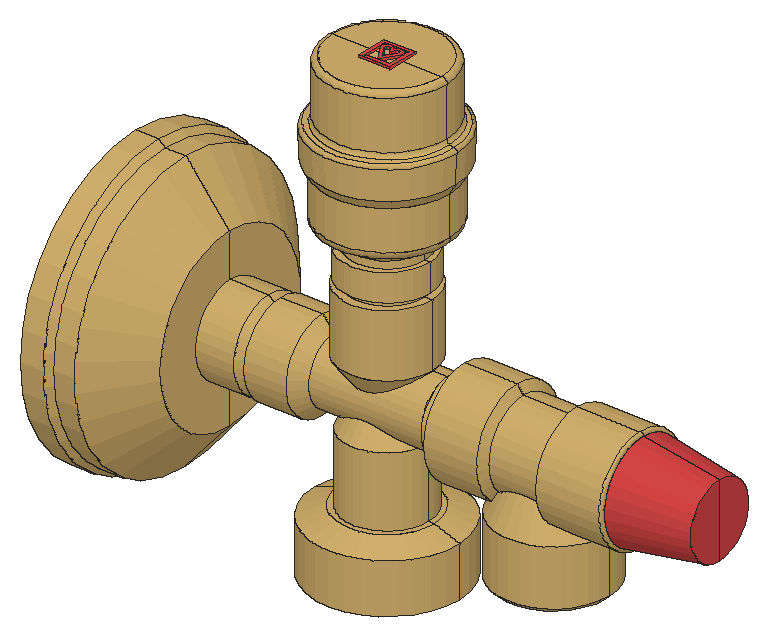
Revit family "Группа безопасности котла 2104", category Rohrzubehör, Revit 2019
Family settings
  Bemaßung runder Anschluss = Durchmesser verwenden
  Teiletyp = Normal
  OmniClass-Nummer = 23.65.55.14
  OmniClass-Titel = Valves for Liquid Services
  Arbeitsebenenbasiert = Nein
  Immer vertikal = Ja
  Beim Laden mit Abzugskörper schneiden = Nein
  Gemeinsam genutzt = Nein
Parameters
  Номер заказа [instance] = if(Nennweite Anschluss = 25.000 mm, 1210415, 0)  # 1210415
  Мин. рабочая температура = -10 °C  # constant formula
  Макс. рабочая температура = 110 °C  # constant formula
  Теплоизоляционный кожух = "EPP"  # constant formula
  Соединительный элемент = "штампованная латунь в соответствии с EN 12165, CW617N"  # constant formula
  Вес = 0.663  # constant formula
  URL = "www.herz-armaturen.ru"
  Предохранительный клапан = "штампованная латунь в соответствии с EN 12165, CW617N"  # constant formula
  SCRNSEQ = "AWI;AWI_TYP=\"1001\";2"
  SCRNCODE = "02;04;02"  # constant formula
  S08 = 17.700 mm  # constant formula
  S07 = 69.900 mm  # constant formula
  S06 = 42.700 mm  # constant formula
  S05 = 71.000 mm  # constant formula
  S04 = 32.000 mm  # constant formula
  S03 = 45.000 mm  # constant formula
  S02 = L18 + L19  # 95.300 mm
  S01 = 31.800 mm  # constant formula
  R25 = 10.400 mm  # constant formula
  R24 = 13.900 mm  # constant formula
  R23 = 10.400 mm  # constant formula
  R22 = 12.300 mm  # constant formula
  R21 = 14.800 mm  # constant formula
  R20 = 9.300 mm  # constant formula
  R19 = 16.000 mm  # constant formula
  R18 = Nennweite SV / 2  # 10.000 mm
  R17 = 20.800 mm  # constant formula
  R16 = 12.000 mm  # constant formula
  R15 [instance] = Nennweite Anschluss / 2  # 12.500 mm
  R14 = R04  # 10.650 mm
  R13 = 17.900 mm  # constant formula
  R12 = 17.100 mm  # constant formula
  R11 = 12.500 mm  # constant formula
  R10 = R04  # 10.650 mm
  R09 = 13.000 mm  # constant formula
  R08 = R04  # 10.650 mm
  R07 = 9.500 mm  # constant formula
  R06 = 9.300 mm  # constant formula
  R05 = 13.000 mm  # constant formula
  R04 = 21.300 mm / 2  # 10.650 mm
  R03 = 12.700 mm  # constant formula
  R02 = 39.900 mm  # constant formula
  R01 = 41.500 mm  # constant formula
  Nennweite SV = 20.000 mm  # constant formula
  Nennweite Anschluss [instance] = 25.000 mm  # constant formula
  Среда = "Качество теплоносителя в соответствии с ÖNORM H5195 и/или предписаниями VDI-Standard 2035.\nРазрешается использование смеси этилен или пропиленгликоля в соотношении 25-50% с водой. Прокладки EPDM могут быть подвержены воздействию минеральных смазочных масел, что может служить причиной выхода из строя данных уплотнений. Пожалуйста, обратитесь к документации производителя, при использовании этиленгликоля и пропиленгликоля в целях защиты от замерзания."
  Манометр = "0 - 4 бар"  # constant formula
  L19 = 22.000 mm  # constant formula
  L18 = 73.300 mm  # constant formula
  L17 = 95.300 mm  # constant formula
  L16 = 21.400 mm  # constant formula
  L15 = 47.800 mm  # constant formula
  L14 = 31.500 mm  # constant formula
  L13 = 46.500 mm  # constant formula
  L12 = 29.500 mm  # constant formula
  L11 = 31.200 mm  # constant formula
  L10 = 86.000 mm  # constant formula
  L09 = 20.700 mm  # constant formula
  L08 = 37.200 mm  # constant formula
  L07 = 27.700 mm  # constant formula
  L06 = 34.400 mm  # constant formula
  L05 = 19.400 mm  # constant formula
  L04 = 30.600 mm  # constant formula
  L03 = 52.400 mm  # constant formula
  L02 = 27.000 mm  # constant formula
  L01 = 72.000 mm  # constant formula
  Hersteller = "Herz-Armaturen GmbH"  # constant formula
  Воздухоотводчик = "штампованная латунь в соответствии с EN 12165, CW617N"  # constant formula
  Область применения = "Группа безопасности состоит из основных предохранительных элементов, которые используются в системах отопления до 50 кВт (предохранительный клапан, воздухоудалитель, манометр)."
Reference planes
  plane 1 "Mitte (Vorne/hinten)": y = 0
  plane 2: z = 0
  plane 3 "Mitte (Links/rechts)": x = 0
Forms (mm)
  Revolve 1, solid, material "Messing", detail levels fine
    sketch origin (0, 0, 0) x (1, 0, 0) y (0, 0, 1)
      loop
        line (-72, 41.5) -> (-72, 0) -> (-19.6, 0) -> (-19.6, 9.485) -> (-20.765, 10.65) -> (-31.58, 10.65) -> (-33.8, 12.7) -> (-45, 12.7) -> (-45, 25.131) -> (-57.8, 39.9) -> (-63.8, 39.9) -> (-65.4, 41.5) -> (-72, 41.5)
      axis (-72, 0) -> (-19.6, 0)
    angle from 0 to 360
  Revolve 2, solid, material "Messing", detail levels fine
    sketch origin (0, 0, 0) x (1, 0, 0) y (0, 0, 1)
      loop
        line (-30.6, 13) -> (-30.6, 10.465) -> (-29.435, 9.3) -> (-19.4, 9.3) -> (-19.4, 0) -> (34.4, 0) -> (34.4, 9.485) -> (33.235, 10.65) -> (18.4, 10.65) -> (17.42, 9.5) -> (-15.065, 9.5) -> (-18.565, 13) -> (-30.6, 13)
      axis (-30.6, 0) -> (34.4, 0)
    angle from 0 to 360
  Revolve 3, solid, material "Messing", detail levels fine
    sketch origin (0, 0, 0) x (1, 0, 0) y (0, 0, 1)
      loop
        line (0, 0) -> (-6, 0) -> (-12, -9.5) -> (-12, -29.5) -> (-13.65, -29.5) -> (-20.8, -32.25) -> (-20.8, -46.5) -> (-12.5, -46.5) -> (-12.5, -33.02) -> (0, -33.02) -> (0, 0)
      axis (0, 0) -> (0, -46.5)
    angle from 0 to 360
  Revolve 4, solid, material "Messing", detail levels fine
    sketch origin (0, 0, 0) x (1, 0, 0) y (0, 0, 1)
      loop
        line (0, 31.2) -> (0, 86) -> (-15.6, 86)
        arc (-15.6, 86) -> (-16.661, 85.561) -> (-17.1, 84.5) r 1.5
        line (-17.1, 84.5) -> (-17.1, 70.6)
        arc (-17.1, 70.6) -> (-17.278, 69.797) -> (-17.778, 69.145) r 1.899
        line (-17.778, 69.145) -> (-19.197, 68.844)
        arc (-19.197, 68.844) -> (-19.771, 68.418) -> (-19.974, 67.733) r 1.128
        line (-19.974, 67.733) -> (-19.7, 59.5) -> (-17.9, 56.7) -> (-17.9, 45.325)
        arc (-17.9, 45.325) -> (-17.131, 43.469) -> (-15.275, 42.7) r 2.625
        line (-15.275, 42.7) -> (-10.65, 39.2) -> (-10.65, 32.365) -> (-9.485, 31.2) -> (0, 31.2)
      axis (0, 86) -> (0, 31.2)
    angle from 0 to 360
  Revolve 5, solid, material "Messing", detail levels fine
    sketch origin (0, 0, 0) x (1, 0, 0) y (0, 0, 1)
      loop
        line (-12.5, 37.2) -> (-12.5, 29.435) -> (-10.65, 28.7) -> (-10.65, 21.865) -> (-9.485, 20.7) -> (0, 20.7) -> (0, 37.2) -> (-12.5, 37.2)
      axis (0, 37.2) -> (0, 20.7)
    angle from 0 to 360
  Revolve 6, solid, material "Messing", detail levels fine
    sketch origin (0, 0, 0) x (1, 0, 0) y (0, 0, 1)
      loop
        line (-13, 27.7) -> (-13, 9.525) -> (-6, 0) -> (0, 0) -> (0, 27.7) -> (-13, 27.7)
      axis (0, 27.7) -> (0, 0)
    angle from 0 to 360
  Revolve 7, solid, material "Messing", detail levels fine
    sketch origin (0, 0, 0) x (1, 0, 0) y (0, 0, 1)
      loop
        line (21.4, 9.3) -> (36.4, 9.3) -> (36.4, 0) -> (73.278, 0) -> (73.278, 13.893)
        arc (73.278, 13.893) -> (73.1, 14.525) -> (72.504, 14.8) r 0.784
        line (72.504, 14.8) -> (54.504, 14.8) -> (53.049, 12.3) -> (38.855, 12.3) -> (37.4, 14.8) -> (22.295, 14.8) -> (21.4, 13.25) -> (21.4, 9.3)
      axis (21.4, 0) -> (73.278, 0)
    angle from 0 to 360
  Revolve 8, solid, material "Messing", detail levels fine
    sketch origin (0, 0, 0) x (1, 0, 0) y (0, 0, 1)
      loop
        line (47.8, -18.34) -> (47.8, 0) -> (39.55, 0) -> (31.8, -14.5) -> (31.8, -30.5) -> (32.8, -31.5) -> (37.8, -31.5) -> (37.8, -18.34) -> (47.8, -18.34)
      axis (47.8, 0) -> (47.8, -31.5)
    angle from 0 to 360
  Revolve 9, solid, material "Kunststoff - Rot", detail levels fine
    sketch origin (0, 0, 0) x (1, 0, 0) y (0, 0, 1)
      loop
        line (95.278, 0) -> (95.278, 10.4) -> (73.3, 13.9) -> (73.3, 0) -> (95.278, 0)
      axis (73.3, 0) -> (95.278, 0)
    angle from 0 to 360
Lines and regions (mm)
  model lines
    curve 1: line (20.8, 0, -47.5) -> (-20.8, 0, -47.5)
    curve 11: line (95, 0, 10.596) -> (87.287, 0, -10.596)
    curve 12: line (87, 0, 10.596) -> (79.287, 0, -10.596)
    curve 13: line (79, 0, 10.596) -> (71.287, 0, -10.596)
    curve 14: line (71, 0, 10.596) -> (63.287, 0, -10.596)
    curve 15: circle (-45, 0, 0) r 27 normal (0, -1, 0)
    curve 18: line (0, 0, 60.6) -> (0, 0, 87.6)
    curve 24: line (0, -46.5, 0) -> (0, 24.8, 0)
  model lines, detail levels coarse+medium
    curve 2: line (0, 0, -47.5) -> (0, 0, 24.8)
    curve 3: line (-18, 0, 0) -> (21.4, 0, 0)
    curve 4: line (21.4, 0, 14.8) -> (21.4, 0, -14.8)
    curve 5: line (21.4, 0, -14.8) -> (47.8, 0, 0)
    curve 6: line (47.8, 0, 0) -> (21.4, 0, 14.8)
    curve 7: line (47.8, 0, 0) -> (31.8, 0, -31.5)
    curve 8: line (31.8, 0, -31.5) -> (63.8, 0, -31.5)
    curve 9: line (63.8, 0, -31.5) -> (47.8, 0, 0)
    curve 10: line (47.8, 0, 0) -> (95.3, 0, 0)
    curve 16: line (0, 0, 87.6) -> (-17.7, 0, 69.9)
    curve 17: circle (0, 0, 42.7) r 17.9 normal (0, -1, 0)
    curve 19: line (0, 0, 87.6) -> (17.7, 0, 69.9)
    curve 20: line (-60.91, 0, -15.91) -> (-29.09, 0, 15.91)
    curve 21: line (-29.09, 0, 15.91) -> (-29.09, 0, 5.91)
    curve 22: line (-29.09, 0, 15.91) -> (-39.09, 0, 15.91)
    curve 23: line (-20.8, -46.5, 0) -> (20.8, -46.5, 0)
    curve 25: circle (0, 42.7, 0) r 17.9 normal (0, 0, 1)
    curve 26: line (-0.022, 60.6, 0) -> (-0.022, 87.578, 0)
    curve 27: line (-0.022, 87.578, 0) -> (-17.7, 69.9, 0)
    curve 28: line (0.022, 87.578, 0) -> (17.7, 69.9, 0)
    curve 29: circle (-45, 0, 0) r 27 normal (0, 0, 1)
    curve 30: line (-60.91, -15.91, 0) -> (-29.09, 15.91, 0)
    curve 31: line (-29.09, 15.91, 0) -> (-29.09, 5.91, 0)
    curve 32: line (-29.09, 15.91, 0) -> (-39.09, 15.91, 0)
    curve 33: line (-18, 0, 0) -> (20.505, 0, 0)
    curve 34: line (21.4, 14.8, 0) -> (21.4, -14.8, 0)
    curve 35: line (21.4, -14.8, 0) -> (47.8, 0, 0)
    curve 36: line (47.8, 0, 0) -> (21.4, 14.8, 0)
    curve 37: line (47.8, 0, 0) -> (95.3, 0, 0)
    curve 38: line (71, 10.619, 0) -> (63.27, -10.619, 0)
    curve 39: line (79, 10.619, 0) -> (71.27, -10.619, 0)
    curve 40: line (87, 10.619, 0) -> (79.27, -10.619, 0)
    curve 41: line (95, 10.619, 0) -> (87.27, -10.619, 0)
    curve 42: line (47.8, 0, 0) -> (31.8, -31.5, 0)
    curve 43: line (31.8, -31.5, 0) -> (63.8, -31.5, 0)
    curve 44: line (63.8, -31.5, 0) -> (47.8, 0, 0)
Dimensions and locks
  "R01": Revolve 1 sketch curve to Revolve 1 sketch curve
  "L01": plane 3 "Mitte (Links/rechts)" to Revolve 1 sketch curve
  "L02": Revolve 1 sketch curve to Revolve 1 sketch curve
  "R02": Revolve 1 sketch curve to Revolve 1 sketch curve
  "R03": Revolve 1 sketch curve to Revolve 1 sketch curve
  "L03": Revolve 1 sketch curve to Revolve 1 sketch curve
  "R04": Revolve 1 sketch curve to Revolve 1 sketch curve
  "L04": plane 3 "Mitte (Links/rechts)" to Revolve 2 sketch curve
  "R05": Revolve 2 sketch curve to Revolve 2 sketch curve
  "R06": Revolve 2 sketch curve to Revolve 2 sketch curve
  "R07": Revolve 2 sketch curve to Revolve 2 sketch curve
  "R08": Revolve 2 sketch curve to Revolve 2 sketch curve
  "L05": plane 3 "Mitte (Links/rechts)" to Revolve 2 sketch curve
  "L06": Revolve 2 sketch curve to plane 3 "Mitte (Links/rechts)"
  "R09": Revolve 6 sketch curve to Revolve 6 sketch curve
  "L07": Revolve 6 sketch curve to Revolve 6 sketch curve
  "L09": Revolve 5 sketch curve to Revolve 6
  "L08": Revolve 5 sketch curve to Revolve 6
  "R11": Revolve 5 sketch curve to Revolve 5 sketch curve
  "R10": Revolve 5 sketch curve to Revolve 5 sketch curve
  "R12": Revolve 4 sketch curve to Revolve 4 sketch curve
  "R13": Revolve 4 sketch curve to Revolve 4 sketch curve
  "R14": Revolve 4 sketch curve to Revolve 4 sketch curve
  "L11": Revolve 4 sketch curve to Revolve 6
  "L10": Revolve 4 sketch curve to Revolve 6
  "L13": Revolve 3 sketch curve to Revolve 3 sketch curve
  "L12": Revolve 3 sketch curve to Revolve 3 sketch curve
  "R16": Revolve 3 sketch curve to Revolve 3 sketch curve
  "R17": Revolve 3 sketch curve to Revolve 3 sketch curve
  "R15": Revolve 3 sketch curve to Revolve 3 sketch curve
  "R19": Revolve 8 sketch curve to Revolve 8 sketch curve
  "R18": Revolve 8 sketch curve to Revolve 8 sketch curve
  "L14": Revolve 8 sketch curve to Revolve 8 sketch curve
  "L15": Revolve 8 sketch curve to plane 3 "Mitte (Links/rechts)"
  "L16": Revolve 7 sketch curve to plane 3 "Mitte (Links/rechts)"
  "R20": Revolve 7 sketch curve to Revolve 7 sketch curve
  "R21": Revolve 7 sketch curve to Revolve 7 sketch curve  (x2)
  "R22": Revolve 7 sketch curve to Revolve 7 sketch curve
  "R25": Revolve 9 sketch curve to Revolve 9 sketch curve
  "R24": Revolve 9 sketch curve to Revolve 9 sketch curve
  "L19": Revolve 9 sketch curve to Revolve 7
  "L18": plane 3 "Mitte (Links/rechts)" to Revolve 9 sketch curve
  "R17": curve 1 to plane 3 "Mitte (Links/rechts)" to curve 1
  "L13": plane 2 to Revolve 3
  "S06": curve 17 to plane 2
  "S07": curve 16 to plane 2
  "S07": curve 19 to plane 2
  "S08": curve 19 to plane 3 "Mitte (Links/rechts)"
  "S08": plane 3 "Mitte (Links/rechts)" to curve 16
  "S03": plane 3 "Mitte (Links/rechts)" to curve 15
  "L16": curve 4 to plane 3 "Mitte (Links/rechts)"
  "R21": curve 6 to plane 2 to curve 5
  "L15": curve 10 to plane 3 "Mitte (Links/rechts)"
  "L14": plane 2 to curve 8
  "S01": curve 8 to plane 3 "Mitte (Links/rechts)"
  "S04": curve 8 to curve 9
  "S02": curve 10 to plane 3 "Mitte (Links/rechts)"
  equal spacing: curve 14, plane 2, curve 14
  equal spacing: curve 13, plane 2, curve 13
  equal spacing: curve 12, plane 2, curve 12
  equal spacing: curve 11, plane 2, curve 11
  curve 11 to curve 12 = 8.000 mm
  curve 12 to curve 13 = 8.000 mm
  curve 13 to curve 14 = 8.000 mm
  "S05": curve 14 to plane 3 "Mitte (Links/rechts)"
  "S07": plane 1 "Mitte (Vorne/hinten)" to curve 27
  "S08": curve 27 to plane 3 "Mitte (Links/rechts)"
  "S08": plane 3 "Mitte (Links/rechts)" to curve 28
  "S07": plane 1 "Mitte (Vorne/hinten)" to curve 28
  "S06": plane 1 "Mitte (Vorne/hinten)" to curve 25
  "R17": curve 23 to plane 3 "Mitte (Links/rechts)" to curve 23
  "L13": curve 23 to plane 1 "Mitte (Vorne/hinten)"
  "S03": curve 29 to plane 3 "Mitte (Links/rechts)"
  "L16": plane 3 "Mitte (Links/rechts)" to curve 34
  "R21": plane 1 "Mitte (Vorne/hinten)" to curve 36
  "R21": curve 35 to plane 1 "Mitte (Vorne/hinten)"
  "L15": plane 3 "Mitte (Links/rechts)" to curve 36
  "S02": plane 3 "Mitte (Links/rechts)" to curve 37
  equal spacing: curve 38, plane 1 "Mitte (Vorne/hinten)", curve 38
  "S05": plane 3 "Mitte (Links/rechts)" to curve 38
  equal spacing: curve 39, plane 1 "Mitte (Vorne/hinten)", curve 39
  curve 38 to curve 39 = 8.000 mm
  equal spacing: curve 40, plane 1 "Mitte (Vorne/hinten)", curve 40
  curve 40 to curve 39 = 8.000 mm
  curve 41 to curve 40 = 8.000 mm
  equal spacing: curve 41, plane 1 "Mitte (Vorne/hinten)", curve 41
  "L14": curve 43 to plane 1 "Mitte (Vorne/hinten)"
  "S01": plane 3 "Mitte (Links/rechts)" to curve 43
  "S04": curve 43 to curve 44
  "R13": radius of curve 17
  "L02": radius of curve 15
  "R13": radius of curve 25
  "L02": radius of curve 29
  angle curve 16 to curve 18 = 45.00°
  angle plane 3 "Mitte (Links/rechts)" to curve 19 = 45.00°
  angle curve 20 to curve 21 = 45.00°
  angle plane 2 to curve 11 = 70.00°
  angle plane 2 to curve 12 = 70.00°
  angle plane 2 to curve 13 = 70.00°
  angle plane 2 to curve 14 = 70.00°
  angle curve 27 to curve 26 = 45.0005°
  angle curve 26 to curve 28 = 45.0005°
  angle curve 30 to curve 31 = 45.00°
  angle plane 1 "Mitte (Vorne/hinten)" to curve 38 = 70.00°
  angle plane 1 "Mitte (Vorne/hinten)" to curve 39 = 70.00°
  angle plane 1 "Mitte (Vorne/hinten)" to curve 40 = 70.00°
  angle plane 1 "Mitte (Vorne/hinten)" to curve 41 = 70.00°
  aligned and locked: level to plane 2
Automatic sketch dimensions
  curve 17 to plane 3 "Mitte (Links/rechts)" = 0.000 mm
  curve 2 to plane 3 "Mitte (Links/rechts)" = 0.000 mm
  curve 7 to level = 0.000 mm
  curve 15 to level = 0.000 mm
  curve 3 to level = 0.000 mm
  curve 20 to curve 3 = 11.090 mm
  level to curve 22 = 15.910 mm
  curve 22 to curve 20 = 10.000 mm
  curve 1 to curve 7 = 16.000 mm
  curve 24 to plane 3 "Mitte (Links/rechts)" = 0.000 mm
  plane 1 "Mitte (Vorne/hinten)" to curve 33 = 0.000 mm
  plane 1 "Mitte (Vorne/hinten)" to curve 42 = 0.000 mm
  plane 1 "Mitte (Vorne/hinten)" to curve 29 = 0.000 mm
  curve 30 to curve 33 = 11.090 mm
  curve 25 to plane 3 "Mitte (Links/rechts)" = 0.000 mm
  curve 32 to plane 1 "Mitte (Vorne/hinten)" = 15.910 mm
  curve 32 to curve 30 = 10.000 mm
  curve 33 to curve 34 = 0.895 mm
  Revolve 1 sketch curve to level = 0.000 mm  (x2)
  Revolve 1 sketch curve to Revolve 1 sketch curve = 6.600 mm
  Revolve 1 sketch curve to Revolve 1 sketch curve = 1.600 mm
  Revolve 1 sketch curve to Revolve 1 sketch curve = 6.000 mm
  Revolve 1 sketch curve to Revolve 1 sketch curve = 11.200 mm
  Revolve 1 sketch curve to Revolve 1 sketch curve = 2.220 mm
  Revolve 1 sketch curve to Revolve 1 sketch curve = 1.165 mm  (x2)
  Revolve 1 sketch curve to Revolve 1 sketch curve = 12.431 mm
  Revolve 1 sketch curve to Revolve 1 sketch curve = 1279.990 mm
  plane 3 "Mitte (Links/rechts)" to Revolve 1 sketch curve = 1898.983 mm
  Revolve 2 sketch curve to level = 0.000 mm  (x2)
  Revolve 2 sketch curve to Revolve 2 sketch curve = 1.165 mm  (x4)
  Revolve 2 sketch curve to Revolve 2 sketch curve = 0.835 mm
  Revolve 2 sketch curve to Revolve 2 sketch curve = 4.335 mm
  Revolve 2 sketch curve to Revolve 2 sketch curve = 16.980 mm
  Revolve 2 sketch curve to Revolve 2 sketch curve = 0.980 mm
  Revolve 2 sketch curve to Revolve 2 sketch curve = 1321.410 mm
  Revolve 2 sketch curve to Revolve 2 sketch curve = 1864.563 mm
  Revolve 3 sketch curve to level = 0.000 mm
  Revolve 3 sketch curve to plane 3 "Mitte (Links/rechts)" = 0.000 mm  (x2)
  Revolve 3 sketch curve to Revolve 3 sketch curve = 1.650 mm
  Revolve 3 sketch curve to Revolve 3 sketch curve = 6.000 mm
  Revolve 3 sketch curve to Revolve 3 sketch curve = 3.520 mm
  Revolve 3 sketch curve to Revolve 3 sketch curve = 2.750 mm
  Revolve 3 sketch curve to level = 9.500 mm
  Revolve 3 sketch curve to Revolve 3 sketch curve = 319.545 mm
  level to Revolve 3 sketch curve = 2214.315 mm
  Revolve 4 sketch curve to plane 3 "Mitte (Links/rechts)" = 0.000 mm  (x2)
  Revolve 4 sketch curve to Revolve 4 sketch curve = 1.747 mm
  Revolve 4 sketch curve to Revolve 4 sketch curve = 1.899 mm
  Revolve 4 sketch curve to Revolve 4 sketch curve = 0.350 mm
  Revolve 4 sketch curve to Revolve 4 sketch curve = 1.800 mm
  Revolve 4 sketch curve to Revolve 4 sketch curve = 1.128 mm
  Revolve 4 sketch curve to Revolve 4 sketch curve = 1.419 mm
  Revolve 4 sketch curve to Revolve 4 sketch curve = 1.500 mm
  Revolve 4 sketch curve to Revolve 4 sketch curve = 2.625 mm
  Revolve 4 sketch curve to Revolve 4 sketch curve = 1.165 mm  (x2)
  Revolve 4 sketch curve to Revolve 4 sketch curve = 6.835 mm
  Revolve 4 sketch curve to Revolve 4 sketch curve = 3.500 mm
  Revolve 4 sketch curve to Revolve 4 sketch curve = 11.375 mm
  Revolve 4 sketch curve to Revolve 4 sketch curve = 2.800 mm
  Revolve 4 sketch curve to Revolve 4 sketch curve = 8.233 mm
  Revolve 4 sketch curve to Revolve 4 sketch curve = 0.038 mm
  Revolve 4 sketch curve to Revolve 4 sketch curve = 0.302 mm
  Revolve 4 sketch curve to level = 366.045 mm
  Revolve 4 sketch curve to Revolve 4 sketch curve = 2128.315 mm
  Revolve 5 sketch curve to plane 3 "Mitte (Links/rechts)" = 0.000 mm  (x2)
  Revolve 5 sketch curve to Revolve 5 sketch curve = 1.165 mm  (x2)
  Revolve 5 sketch curve to Revolve 5 sketch curve = 6.835 mm
  Revolve 5 sketch curve to Revolve 5 sketch curve = 0.735 mm
  Revolve 5 sketch curve to level = 366.045 mm
  Revolve 5 sketch curve to Revolve 5 sketch curve = 2177.115 mm
  Revolve 6 sketch curve to level = 0.000 mm
  Revolve 6 sketch curve to plane 3 "Mitte (Links/rechts)" = 0.000 mm  (x2)
  Revolve 6 sketch curve to plane 3 "Mitte (Links/rechts)" = 6.000 mm
  level to Revolve 6 sketch curve = 9.525 mm
  Revolve 6 sketch curve to level = 366.045 mm
  Revolve 6 sketch curve to Revolve 6 sketch curve = 2186.615 mm
  Revolve 7 sketch curve to level = 0.000 mm  (x2)
  Revolve 7 sketch curve to Revolve 7 sketch curve = 0.895 mm
  Revolve 7 sketch curve to Revolve 7 sketch curve = 15.000 mm
  Revolve 7 sketch curve to Revolve 7 sketch curve = 1.000 mm
  Revolve 7 sketch curve to Revolve 7 sketch curve = 1.455 mm  (x2)
  Revolve 7 sketch curve to Revolve 7 sketch curve = 14.194 mm
  Revolve 7 sketch curve to Revolve 7 sketch curve = 18.000 mm
  Revolve 7 sketch curve to Revolve 7 sketch curve = 0.774 mm
  Revolve 7 sketch curve to Revolve 7 sketch curve = 1.550 mm
  Revolve 7 sketch curve to Revolve 7 sketch curve = 0.907 mm
  Revolve 7 sketch curve to plane 3 "Mitte (Links/rechts)" = 1351.990 mm
  Revolve 7 sketch curve to Revolve 7 sketch curve = 1825.705 mm
  Revolve 8 sketch curve to level = 0.000 mm  (x2)
  Revolve 8 sketch curve to Revolve 8 sketch curve = 0.000 mm  (x2)
  Revolve 8 sketch curve to Revolve 8 sketch curve = 8.250 mm
  Revolve 8 sketch curve to Revolve 8 sketch curve = 1.000 mm  (x2)
  Revolve 8 sketch curve to Revolve 8 sketch curve = 13.160 mm
  Revolve 8 sketch curve to Revolve 8 sketch curve = 3.840 mm
  Revolve 9 sketch curve to level = 0.000 mm  (x2)
  Revolve 9 sketch curve to plane 3 "Mitte (Links/rechts)" = 1351.990 mm
  Revolve 9 sketch curve to Revolve 9 sketch curve = 1803.683 mm
Nested families
  nested 1: "Herz-Logo" at (0, 0, 85), type "Herz-Logo", detail levels fine
Connectors
  piping at (0, 0, -33.02), diameter 25, driven by "Nennweite Anschluss"
    settings: on Revolve 3, index 1, connector inside diameter 609.6 mm, connector length 0.000 mm, flow factor 0, pipe flow 0.0 L/s, pressure drop 0.0 Pa, fitting loss kfactor 0, connector angle 0.00°, fixture units 0, engagement length 0.000 mm, angle of deflection 0.00°, flow configuration 0, flow direction 1, fitting loss method 0, system type 29, joint type 0, gender type 0, connector reference index -1, connector utility 0, adjustable connector no, is connector primary yes, connector description ""
  piping at (47.8, 0, -18.34), diameter 20, driven by "Nennweite SV"
    settings: on Revolve 8, index 2, connector inside diameter 609.6 mm, connector length 0.000 mm, flow factor 0, pipe flow 0.0 L/s, pressure drop 0.0 Pa, fitting loss kfactor 0, connector angle 0.00°, fixture units 0, engagement length 0.000 mm, angle of deflection 0.00°, flow configuration 0, flow direction 2, fitting loss method 0, system type 29, joint type 0, gender type 0, connector reference index -1, connector utility 0, adjustable connector no, is connector primary no, connector description ""
Definition of nested family "Herz-Logo"
  Reference planes
    plane 1 "Mitte (Vorne/hinten)": y = 0
    plane 2: z = 0
    plane 3 "Mitte (Links/rechts)": x = 0
  Forms (mm)
    Extrusion 1, solid
      sketch origin (0, 0, 0) x (1, 0, 0) y (0, 1, 0)
        loop
          line (-0.018, -4.517) -> (4.482, -4.517) -> (4.482, 4.483) -> (-4.518, 4.483) -> (-4.518, -4.517) -> (-0.018, -4.517)
        loop
          line (-0.05, -3.48) -> (3.482, -3.48) -> (3.482, 3.483) -> (-3.518, 3.483) -> (-3.518, -3.48) -> (-0.05, -3.48)
        loop
          arc (-0.018, 2.383) -> (-1.543, 3.287) -> (-3.067, 2.383) r 1.738
          arc (-3.067, 2.383) -> (-3.191, 1.899) -> (-3.067, 1.415) r 1.009
          line (-3.067, 1.415) -> (-0.018, -3.281) -> (3.032, 1.415)
          arc (3.032, 1.415) -> (3.156, 1.899) -> (3.032, 2.383) r 1.009
          arc (3.032, 2.383) -> (1.507, 3.287) -> (-0.018, 2.383) r 1.738
        loop
          arc (1.885, 1.272) -> (2.005, 1.675) -> (1.885, 2.079) r 0.74
          arc (1.885, 2.079) -> (1.265, 2.416) -> (0.644, 2.079) r 0.74
          line (0.644, 2.079) -> (-0.018, 0.97) -> (-0.679, 2.079)
          arc (-0.679, 2.079) -> (-1.3, 2.416) -> (-1.921, 2.079) r 0.74
          arc (-1.921, 2.079) -> (-2.04, 1.675) -> (-1.921, 1.272) r 0.74
          line (-1.921, 1.272) -> (-0.018, -1.658) -> (1.885, 1.272)
      from 0 to 1.5
  Dimensions and locks
    aligned and locked: level to plane 2
